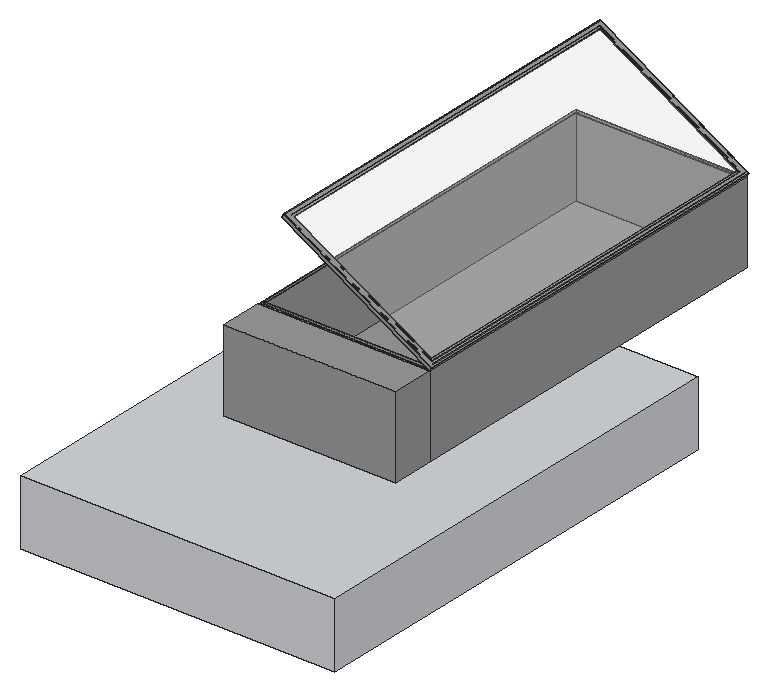
Revit family "Hager-Univers-IP55-D400-H2050-Cl.II-Steel_encl-PT-pt", category Equipement électrique, Revit 2020
Family settings
  Hôte = Face
  Configuration du panneau = Deux colonnes, circuits au sein
  Cote de connecteur circulaire = Utiliser le diamètre
  Type d'élément = Tableau de raccordement
  Couper avec des vides une fois chargée = Non
  Partagée = Non
  Point de calcul de pièce = Non
Parameters (values of type "Instalação de piso IP55 L800 A2050 P400  - FR23U2")
  Width Control [instance] = if([EF000008 - Largura] > Min Width, [EF000008 - Largura], Min Width)  # 800 mm
  Commentaires du type = [HG000003 - Gama]  # "Univers"
  Thickness Door [instance] = if([EF009171 - Espessura do material da porta/tampa] > 3 mm, 3 mm, [EF009171 - Espessura do material da porta/tampa])  # 1.5 mm
  Seal Frame Offset [instance] = 17 mm  # constant formula
  Plinth Visibility [instance] = [HG000027 - Altura da Plinta] > 0 mm  # yes
  Model = ""
  Min Width [instance] = 100 mm  # constant formula
  Min Height [instance] = 100 mm  # constant formula
  Min Depth [instance] = (2 * [EF009170 - Espessura do material do invólucro]) + 1 mm  # 4 mm
  Internal Frame Depth [instance] = (Door System Depth * 0.5)  # 9 mm
  Height Control [instance] = if([EF000040 - Altura] > Min Height, [EF000040 - Altura], Min Height)  # 2050 mm
  HG000027 - Altura da Plinta = 200 mm
  HG000026 - Instalação no chão = yes
  HG000024 - Altura da secção inferior = 800 mm
  HG000023 - Recinto de secção dupla = no
  HG000016 - Visibilidade da porta 3D [instance] = yes
  HG000015 - Visibilidade através da porta [instance] = no
  HG000014 - Porta à direita [instance] = yes
  HG000013 - Porta à esquerda [instance] = not([HG000014 - Porta à direita])  # no
  HG000012 - Ângulo de abertura de porta [instance] = 30.00°
  HG000010 - Portas assimétricas = no
  HG000009 - Porta dupla = no
  HG000006 - Encastrado = no
  HG000004 - Referência do Fabricante = "FR23U2"
  HG000003 - Gama = "Univers"
  HG000002 - Com porta ou tampa = yes
  Frame Offset Bottom [instance] = 10 mm  # constant formula
  Frame Offset [instance] = 15 mm  # constant formula
  EF015940 - Tampa com libertação de sobrepressão = no
  EF011959 - Grau de proteção (NEMA) = ""
  EF009554 - Número de aberturas para placas de flange = 6
  Fabricant = "Hager"  # constant formula
  EF009212 - Tipo de tampa = "EV000116 - Fechado"
  EF009171 - Espessura do material da porta/tampa = 1.5 mm
  EF009170 - Espessura do material do invólucro = 1.5 mm
  EF008873 - Corrente nominal (In) = 800 A
  EF007800 - Adequado para proteção contra raios = no
  EF006306 - Com fecho = no
  EF006244 - Tampa/porta transparente = yes
  EF005474 - Grau de proteção (IP) = "EV006420 - IP55"
  EF004464 - Tipo de porta = "EV002646 - Único"
  EF004427 - Número de módulos = 432
  EF004293 - Força de impacto = "EV008784 - IK10"
  EF003532 - Adequado para uso no exterior = no
  EF002950 - Largura em número de módulos = 24
  EF001613 - Integridade do circuito = "EV000494 - Nenhum"
  EF001596 - Material do corpo = "EV000179 - Aço"
  EF001131 - Profundidade interior = 400 mm
  EF001088 - Extensão possível = yes
  EF000437 - Número de entradas de condutores = 6
  EF000339 - Tipo de difusor = "EV004216 - Porta"
  EF000266 - Número de linhas = 12
  EF000218 - Profundidade incorporada = 0 mm
  EF000118 - Com tampa de montagem = no
  EF000116 - Número RAL = "7035"
  EF000049 - Profundidade = 400 mm
  EF000040 - Altura = 2050 mm
  EF000008 - Largura = 800 mm
  EF000007 - Cor = "EV000270 - Cinzento"
  EF000003 - Método de montagem = "EV012274 - Instalação de piso"
  Door System Leaf Tolerance [instance] = 1.5 mm  # constant formula
  Door System Depth [instance] = 18 mm  # constant formula
  Door Height [instance] = Height Control - [HG000027 - Altura da Plinta]  # 1850 mm
  Depth Control [instance] = if([EF000049 - Profundidade] > Min Depth, [EF000049 - Profundidade], Min Depth)  # 400 mm
  Default Elevation = 0 mm
  Connector Offset [instance] = Height Control / 2  # 1025 mm
  Bottom Top Plate Trim [instance] = 1.5 mm  # constant formula
  Plinth height Ctrl [instance] = if([HG000027 - Altura da Plinta] > 0 mm, [HG000027 - Altura da Plinta], 12 mm)  # 200 mm
Types (11, lengths in mm): name | Width Control | HG000010 - Portas assimétricas | HG000009 - Porta dupla | HG000004 - Referência do Fabricante | EF009554 - Número de aberturas para placas de flange | EF006244 - Tampa/porta transparente | EF004464 - Tipo de porta | EF004427 - Número de módulos | EF000437 - Número de entradas de condutores | EF000008 - Largura
  Instalação de piso IP55 L1050 A2050 P400  - FR24H2 | 1050 | yes | yes | "FR24H2" | 8 | no | "EV003602 - Duplo" | 576 | 8 | 1050
  Instalação de piso IP55 L1050 A2050 P400  - FR24U2 | 1050 | yes | yes | "FR24U2" | 8 | yes | "EV003602 - Duplo" | 576 | 8 | 1050
  Instalação de piso IP55 L1300 A2050 P400  - FR25H2 | 1300 | yes | yes | "FR25H2" | 10 | no | "EV003602 - Duplo" | 720 | 10 | 1300
  Instalação de piso IP55 L1300 A2050 P400  - FR25U2 | 1300 | yes | yes | "FR25U2" | 10 | yes | "EV003602 - Duplo" | 720 | 10 | 1300
  Instalação de piso IP55 L1550 A2050 P400  - FR26H2 | 1550 | yes | yes | "FR26H2" | 12 | no | "EV003602 - Duplo" | 864 | 12 | 1550
  Instalação de piso IP55 L1550 A2050 P400  - FR26U2 | 1550 | yes | yes | "FR26U2" | 12 | yes | "EV003602 - Duplo" | 864 | 12 | 1550
  Instalação de piso IP55 L300 A2050 P400  - FR21H2 | 300 | no | no | "FR21H2" | 2 | no | "EV002646 - Único" | 144 | 2 | 300
  Instalação de piso IP55 L550 A2050 P400  - FR22H2 | 550 | no | no | "FR22H2" | 4 | no | "EV002646 - Único" | 288 | 4 | 550
  Instalação de piso IP55 L550 A2050 P400  - FR22U2 | 550 | no | no | "FR22U2" | 4 | yes | "EV002646 - Único" | 288 | 4 | 550
  Instalação de piso IP55 L800 A2050 P400  - FR23H2 | 800 | no | no | "FR23H2" | 6 | no | "EV002646 - Único" | 432 | 6 | 800
  Instalação de piso IP55 L800 A2050 P400  - FR23U2 | 800 | no | no | "FR23U2" | 6 | yes | "EV002646 - Único" | 432 | 6 | 800
Reference planes
  plane 1 "Center (Front/Back)": y = 0
  plane 2: z = 0
  plane 3 "Center (Left/Right)": x = 0
  plane 4: z = 400
  plane 5: y = 201.5
  plane 6: y = 1125
  plane 7: y = 200
  plane 8: y = 2050
  plane 9: z = 0
  plane 10: x = -385
  plane 11: x = 385
  plane 12: x = 383.5
  plane 13: x = -383.5
  plane 14: y = 2048.5
  plane 15: x = -383
  plane 16: x = -400
  plane 17: x = 383
  plane 18: x = 400
  plane 19: x = 398.5
  plane 20: x = -398.5
  plane 21: y = 211.5
  plane 22: y = 2050
  plane 23: y = 2033.5
  plane 24: z = 382
  plane 25: z = 1.5
  plane 26: z = 380.5
  plane 27: z = 398.5
Forms (mm)
  Extrusion 1, solid
    sketch origin (0, 0, 0) x (1, 0, 0) y (0, 1, 0)
      loop
        line (-702.964, 1305) -> (-702.964, -811.445) -> (766.763, -811.445) -> (766.763, 1305) -> (-702.964, 1305)
    from 0 to -304.8
  Extrusion 2, solid, material "Hager_Steel_RAL7035_Light_Grey", visible <- "Plinth Visibility", detail levels medium+fine
    sketch origin (0, 0, 0) x (1, 0, 0) y (0, 1, 0)
      loop
        line (-400, 0) -> (400, 0) -> (400, 200) -> (-400, 200) -> (-400, 0)
    from 0 to 382
  Extrusion 3, solid, material "Hager_Steel_RAL7035_Light_Grey", detail levels medium+fine
    sketch origin (0, 0, 0) x (1, 0, 0) y (0, 1, 0)
      loop
        line (-400, 200) -> (400, 200) -> (400, 2050) -> (-400, 2050) -> (-400, 200)
    from 0 to 382
  Extrusion 4, void
    sketch origin (0, 0, 0) x (1, 0, 0) y (0, 1, 0)
      loop
        line (-398.5, 201.5) -> (398.5, 201.5) -> (398.5, 2048.5) -> (-398.5, 2048.5) -> (-398.5, 201.5)
    from 1.5 to 380.5
  Extrusion 5, void
    sketch origin (-381.607, -4572, 382) x (0, -1, 0) y (-1, 0, 0)
      loop
        line (-4783.5, 1.893) -> (-6605.5, 1.893) -> (-6605.5, -765.107) -> (-4783.5, -765.107) -> (-4783.5, 1.893)
    from 0 to 1.5 <- "EF009170 - Espessura do material do invólucro"
  Extrusion 6, solid, material "Hager_Steel_RAL7035_Light_Grey", detail levels fine
    sketch origin (0, 0, 382) x (1, 0, 0) y (0, 1, 0)
      loop
        line (-383.5, 2033.5) -> (-383.5, 211.5) -> (383.5, 211.5) -> (383.5, 2033.5) -> (-383.5, 2033.5)
      loop
        line (-385, 210) -> (385, 210) -> (385, 2035) -> (-385, 2035) -> (-385, 210)
    from 0 to 9 <- "Internal Frame Depth"
  Extrusion 7, solid, material "Hager_Steel_RAL7035_Light_Grey", detail levels coarse
    sketch origin (0, 0, 0) x (1, 0, 0) y (0, 1, 0)
      loop
        line (-400, 0) -> (400, 0) -> (400, 2050) -> (-400, 2050) -> (-400, 0)
    from 0 to 400
  Sweep 8, void
    path in 3D
      loop
        line (-400, 200, 0) -> (400, 200, 0) -> (400, 200, 382) -> (-400, 200, 382) -> (-400, 200, 0)
    profile origin (-400, 200, 191) x (-1, 0, 0) y (0, -1, 0)
      loop
        line (0, 0) -> (0, 1.5) -> (-1.5, 1.5)
        arc (-1.5, 1.5) -> (-1.061, 0.439) -> (0, 0) r 1.5
Cuts and joins
  Extrusion 4, Extrusion 5 cuts Extrusion 3
  Sweep 8 cuts Extrusion 2
Lines and regions (mm)
  Masking region 1
    outline origin (0, 0, 0) x (1, 0, 0) y (0, 0, 1)
      loop
        line (-400, 400) -> (-400, 0) -> (400, 0) -> (400, 400) -> (-400, 400)
  Masking region 2, detail levels medium+fine
    outline origin (0, 140, 0) x (0, 1, 0) y (0, 0, 1)
      loop
        line (60, 0) -> (1910, 0) -> (1910, 382) -> (60, 382) -> (60, 0)
  Masking region 3, not visible, detail levels medium+fine
    outline origin (0, 297.922, 0) x (0, 1, 0) y (0, 0, 1)
      loop
        line (838.578, 0) -> (878.578, 0) -> (878.578, 388.5)
        arc (878.578, 388.5) -> (875.649, 395.571) -> (868.578, 398.5) r 10
        line (868.578, 398.5) -> (838.578, 398.5) -> (838.578, 0)
  Masking region 4, detail levels coarse
    outline origin (0, 0, 180) x (0, 1, 0) y (0, 0, 1)
      loop
        line (0, -180) -> (2050, -180) -> (2050, 220) -> (0, 220) -> (0, -180)
  Masking region 5, visible <- "Plinth Visibility", detail levels medium+fine
    outline origin (0, 52.24, 12.345) x (0, 0, -1) y (0, 1, 0)
      loop
        line (10.845, 147.76) -> (-368.155, 147.76)
        arc (-368.155, 147.76) -> (-368.594, 146.699) -> (-369.655, 146.26) r 1.5
        line (-369.655, 146.26) -> (-369.655, -52.24) -> (12.345, -52.24) -> (12.345, 146.26)
        arc (12.345, 146.26) -> (11.285, 146.699) -> (10.845, 147.76) r 1.5
  Masking region 6, detail levels medium+fine
    outline origin (-381.607, -4572, 382) x (-1, 0, 0) y (0, -1, 0)
      loop
        line (18.393, -6622) -> (18.393, -4772) -> (-781.607, -4772) -> (-781.607, -6622) -> (18.393, -6622)
  Masking region 7, visible <- "Plinth Visibility", detail levels medium+fine
    outline origin (-381.607, -4727, 382) x (-1, 0, 0) y (0, -1, 0)
      loop
        arc (16.893, -4927) -> (17.332, -4925.939) -> (18.393, -4925.5) r 1.5
        line (18.393, -4925.5) -> (18.393, -4727) -> (-781.607, -4727) -> (-781.607, -4925.5)
        arc (-781.607, -4925.5) -> (-780.546, -4925.939) -> (-780.107, -4927) r 1.5
        line (-780.107, -4927) -> (16.893, -4927)
  Masking region 8, detail levels coarse
    outline origin (-442.548, -4669.526, 382) x (-1, 0, 0) y (0, -1, 0)
      loop
        line (-42.548, -6719.526) -> (-42.548, -4669.526) -> (-842.548, -4669.526) -> (-842.548, -6719.526) -> (-42.548, -6719.526)
  sketch lines
    curve 1: line (-400, 200, 382) -> (-400, 200, 0)
    curve 2: line (400, 200, 382) -> (-400, 200, 382)
    curve 3: line (400, 200, 382) -> (400, 200, 0)
    curve 4: line (-400, 200, 0) -> (400, 200, 0)
Dimensions and locks
  "Depth Control": plane 4 to Extrusion 1
  "HG000027 - Altura da Plinta": plane 1 "Center (Front/Back)" to plane 7
  "EF009170 - Espessura do material do invólucro": plane 5 to plane 7
  locked: connector elem to plane 3 "Center (Left/Right)"
  equal spacing: plane 8, plane 6, plane 7
  locked: connector elem to plane 6
  "EF009170 - Espessura do material do invólucro": plane 8 to plane 14
  "EF009170 - Espessura do material do invólucro": plane 10 to plane 13
  "EF009170 - Espessura do material do invólucro": plane 12 to plane 11
  "Frame Offset": plane 20 to plane 13
  "Frame Offset": plane 12 to plane 19
  "EF009170 - Espessura do material do invólucro": plane 16 to plane 20
  "EF009170 - Espessura do material do invólucro": plane 19 to plane 18
  "Seal Frame Offset": plane 16 to plane 15
  "Seal Frame Offset": plane 17 to plane 18
  "Frame Offset Bottom": plane 21 to plane 5
  "Frame Offset": plane 14 to plane 23
  equal spacing: plane 16, plane 3 "Center (Left/Right)", plane 18
  "Width Control": plane 16 to plane 18
  "EF009170 - Espessura do material do invólucro": plane 4 to plane 27
  "EF009170 - Espessura do material do invólucro": plane 24 to plane 26
  "EF009170 - Espessura do material do invólucro": plane 25 to level
  "Door System Depth": plane 4 to plane 24
  "Height Control": plane 1 "Center (Front/Back)" to Extrusion 7 sketch curve
  "Height Control": Masking region 4 sketch curve to plane 1 "Center (Front/Back)"
  "Height Control": plane 1 "Center (Front/Back)" to plane 22
  "Bottom Top Plate Trim": profile plane to Sweep 8 sketch curve
  "Bottom Top Plate Trim": Sweep 8 sketch curve to profile plane
  "Plinth height Ctrl": plane 1 "Center (Front/Back)" to Extrusion 2 sketch curve
  "Plinth height Ctrl": Masking region 5 sketch curve to plane 1 "Center (Front/Back)"
  "Plinth height Ctrl": plane 1 "Center (Front/Back)" to Masking region 7 sketch curve
  "Thickness Door": Extrusion 6 sketch curve to Extrusion 6 sketch curve  (x3)
  "Thickness Door": cut or joined group of Extrusion 3, Extrusion 4, Extrusion 5 to Extrusion 6 sketch curve
  radius of Masking region 3 sketch curve = 10 mm
  "Bottom Top Plate Trim": radius of Masking region 5 sketch curve  (x2)
  "Bottom Top Plate Trim": radius of Sweep 8 sketch curve
  "Bottom Top Plate Trim": radius of Masking region 7 sketch curve  (x2)
  aligned and locked: plane 2 to Extrusion 1
  aligned and locked: level to Extrusion 1
  aligned and locked: level to Masking region 1 sketch curve
  aligned and locked: Masking region 1 sketch curve to plane 18
  aligned and locked: Masking region 1 sketch curve to plane 16
  aligned and locked: plane 7 to Masking region 2 sketch curve
  aligned and locked: level to Masking region 3 sketch curve
  aligned and locked: Masking region 3 sketch curve to plane 27
  aligned and locked: level to Masking region 2 sketch curve
  aligned and locked: plane 1 "Center (Front/Back)" to Extrusion 2 sketch curve
  aligned and locked: Extrusion 3 sketch curve to plane 7
  aligned and locked: plane 16 to Extrusion 3 sketch curve
  aligned and locked: plane 18 to Extrusion 3 sketch curve
  aligned and locked: plane 20 to Extrusion 4 sketch curve
  aligned and locked: plane 19 to Extrusion 4 sketch curve
  aligned and locked: Extrusion 4 sketch curve to plane 5
  aligned and locked: Extrusion 4 to plane 25
  aligned and locked: plane 26 to Extrusion 4
  aligned and locked: plane 24 to Extrusion 3
  aligned and locked: Extrusion 5 sketch curve to plane 21
  aligned and locked: Extrusion 5 sketch curve to plane 13
  aligned and locked: Extrusion 5 sketch curve to plane 12
  aligned and locked: plane 18 to Extrusion 7 sketch curve
  aligned and locked: plane 1 "Center (Front/Back)" to Extrusion 7 sketch curve
  aligned and locked: plane 16 to Extrusion 7 sketch curve
  aligned and locked: plane 4 to Extrusion 7
  aligned and locked: Extrusion 7 to level
  aligned and locked: level to Masking region 4 sketch curve
  aligned and locked: Masking region 4 sketch curve to plane 1 "Center (Front/Back)"
  aligned and locked: Masking region 4 sketch curve to plane 4
  aligned and locked: nested 1 to level
  aligned and locked: nested 1 to plane 16
  aligned and locked: plane 8 to Extrusion 3 sketch curve
  aligned and locked: plane 23 to Extrusion 5 sketch curve
  aligned and locked: plane 14 to Extrusion 4 sketch curve
  aligned and locked: Masking region 2 sketch curve to plane 8
  aligned and locked: level to Masking region 5 sketch curve
  aligned and locked: plane 16 to Extrusion 2 sketch curve
  aligned and locked: plane 18 to Extrusion 2 sketch curve
  aligned and locked: Masking region 5 sketch curve to plane 24
  aligned and locked: Masking region 2 sketch curve to plane 24
  aligned and locked: plane 24 to Extrusion 2
  aligned and locked: profile plane to Sweep 8 sketch curve  (x2)
  aligned and locked: Masking region 6 sketch curve to plane 18
  aligned and locked: Masking region 6 sketch curve to plane 22
  aligned and locked: Masking region 6 sketch curve to plane 16
  aligned and locked: plane 8 to plane 22
  aligned and locked: Masking region 6 sketch curve to plane 7
  aligned and locked: Masking region 7 sketch curve to plane 16
  aligned and locked: Masking region 7 sketch curve to plane 1 "Center (Front/Back)"
  aligned and locked: Masking region 7 sketch curve to plane 18
  aligned and locked: Masking region 8 sketch curve to plane 1 "Center (Front/Back)"
  aligned and locked: Masking region 8 sketch curve to plane 18
  aligned and locked: Masking region 8 sketch curve to plane 22
  aligned and locked: Masking region 8 sketch curve to plane 16
  aligned and locked: nested 2 to plane 7
  aligned and locked: plane 3 "Center (Left/Right)" to nested 2
  aligned and locked: nested 2 to plane 24
  aligned and locked: Extrusion 6 sketch curve to cut or joined group of Extrusion 3, Extrusion 4, Extrusion 5  (x4)
Automatic sketch dimensions
  Extrusion 1 sketch curve to Extrusion 1 sketch curve = 1469.727 mm
  Extrusion 1 sketch curve to Extrusion 1 sketch curve = 2116.445 mm
  Masking region 1 sketch curve to plane 4 = 0 mm
  plane 6 to Masking region 3 sketch curve = 11.5 mm
  Masking region 3 sketch curve to Masking region 3 sketch curve = 30 mm
  Masking region 5 sketch curve to plane 1 "Center (Front/Back)" = 0 mm
Nested families
  nested 1: "Hager_Enclosure_Symbol" at (-400, 0, 0) x (1, 0, 0) z (0, -1, 0), Height <- "Depth Control", Width <- "Width Control", type "Hager_Enclosure_Symbol"
    with Width_Ctrl 800 mm, Width 800 mm, Height_Ctrl 400 mm, Height 400 mm, A_Width_Int 26.25 mm, A_Width 315 mm, A_Height_Ctrl 350 mm, A_Height 350 mm
  nested 2: "EC000058_Univers_Door" at (0, 200, 382) x (1, 0, 0) z (0, 1, 0), Leaf_Tolerance <- "Door System Leaf Tolerance", Angle <- "HG000012 - Ângulo de abertura de porta", Door_Depth <- "Door System Depth", Door_Left <- "HG000013 - Porta à esquerda", Transparent <- "EF006244 - Tampa/porta transparente", Assymetrical <- "HG000010 - Portas assimétricas", Width <- "Width Control", Clearance <- "HG000015 - Visibilidade através da porta", Double <- "HG000009 - Porta dupla", 3d_Door <- "HG000016 - Visibilidade da porta 3D", Lock_Visibility <- "EF006306 - Com fecho", Width_Ctrl <- "Width Control", Door_Right <- "HG000014 - Porta à direita", Door <- "HG000002 - Com porta ou tampa", Height <- "Door Height", Thickness <- "Thickness Door", type "EC000058_Univers_Door", detail levels medium+fine
    with min_wh 4 mm, Width_Ctrl 800 mm, Width 800 mm, Transparent yes, Thickness 1.5 mm, Seal_Material Hager_Rubber, Lock_Visibility no, Lock_Material Hager_Plastic_RAL9005_Jet_Black, Leaf_Width 800 mm, Leaf_Tolerance_External_Sides 0 mm, Leaf_Tolerance 1.5 mm, Leaf_Offset 0 mm, Leaf_Height 1847 mm, Leaf_2_Width 800 mm, Leaf_2_Offset 400 mm, Leaf_1_Width 800 mm, Leaf_1_Offset 400 mm, Height_Ctrl 1850 mm, Height 1850 mm, Glass_Material Hager_Glass, Double_Clearance_Ctrl no, Double no, Door_Right_Ctrl yes, Door_Right yes, Door_Material Hager_Steel_RAL7035_Light_Grey, Door_Left_Ctrl no, Door_Left no, Door_Depth 18 mm, Door yes, Clearance_Material Hager_Clearance, Clearance_Depth 800 mm, Clearance_Ctrl no, Clearance no, Assymetrical no, Angle 30.00°, 3d_Door yes
Connectors
  electrical at (0, 1125, 0)
    settings: on plane 9, index 1, voltage 0 V, apparent load 0 VA, apparent load phase1 0 VA, apparent load phase2 0 VA, apparent load phase3 0 VA, power factor 1, load classification "Other", number of poles 1, system type 30, power factor state 1, is connector primary yes, connector utility no, sub classification motor no, connector description ""
Definition of nested family "EC000058_Univers_Door"
  Parameters (values of type "EC000058_Univers_Door")
    min_wh [instance] = (2 * Thickness) + 1 mm  # 11 mm
    Width_Ctrl [instance] = 400 mm
    Width [instance] = 500 mm
    Transparent [instance] = yes
    Thickness [instance] = 5 mm
    Seal_Material [instance] = none
    Lock_Visibility [instance] = yes
    Lock_Material [instance] = none
    Leaf_Width [instance] = if((Width_Ctrl - 2 * Leaf_Tolerance_External_Sides) > 0 mm, (Width_Ctrl - 2 * Leaf_Tolerance_External_Sides), min_wh)  # 400 mm
    Leaf_Tolerance_External_Sides [instance] = 0 mm  # constant formula
    Leaf_Tolerance [instance] = 1.5 mm
    Leaf_Offset [instance] = 0 mm  # constant formula
    Leaf_Height [instance] = if((Height_Ctrl - 2 * Leaf_Tolerance) > 0 mm, (Height_Ctrl - 2 * Leaf_Tolerance), min_wh)  # 497 mm
    Leaf_2_Width [instance] = if(and(and(Double, Assymetrical), Door_Left), (Leaf_Width / 3) - (Leaf_Tolerance / 2), if(and(and(Double, Assymetrical), Door_Right), (Leaf_Width / 3) * 2 - (Leaf_Tolerance / 2), if(and(Double, not(Assymetrical)), (Leaf_Width / 2) - Leaf_Tolerance, Leaf_Width)))  # 400 mm
    Leaf_2_Offset [instance] = if(and(Double, Assymetrical), Leaf_2_Width / 2, if(and(Double, not(Assymetrical)), Leaf_Width / 4, Leaf_Width / 2))  # 200 mm
    Leaf_1_Width [instance] = if(and(and(Double, Assymetrical), Door_Right), (Leaf_Width / 3) - (Leaf_Tolerance / 2), if(and(and(Double, Assymetrical), Door_Left), (Width / 3) * 2 - (Leaf_Tolerance / 2), if(and(Double, not(Assymetrical)), (Leaf_Width / 2) - Leaf_Tolerance, Leaf_Width)))  # 400 mm
    Leaf_1_Offset [instance] = if(and(Double, Assymetrical), Leaf_1_Width / 2, if(and(Double, not(Assymetrical)), Leaf_Width / 4, Leaf_Width / 2))  # 200 mm
    Height_Ctrl [instance] = if(Height > min_wh, Height, min_wh)  # 500 mm
    Height [instance] = 500 mm
    Glass_Material [instance] = none
    Double_Clearance_Ctrl [instance] = and(Double, Clearance)  # no
    Double [instance] = no
    Door_Right_Ctrl [instance] = and(or(Door_Right, Double), Door)  # yes
    Door_Right [instance] = yes
    Door_Material [instance] = none
    Door_Left_Ctrl [instance] = and(or(Door_Left, Double), Door)  # no
    Door_Left [instance] = no
    Door_Depth [instance] = 30 mm
    Door [instance] = yes
    Default Elevation = 1219.2 mm
    Clearance_Material [instance] = none
    Clearance_Depth [instance] = if(Leaf_1_Width > Leaf_2_Width, Leaf_1_Width, Leaf_2_Width)  # 400 mm
    Clearance_Ctrl [instance] = and(not(Double), Clearance)  # yes
    Clearance [instance] = yes
    Assymetrical [instance] = yes
    Angle [instance] = 30.00°
    3d_Door [instance] = yes
  Reference planes
    plane 1 "Center (Front/Back)": y = 0
    plane 2 "Bottom": z = 0
    plane 3 "Center (Left/Right)": x = 0
    plane 4: z = 500
    plane 5: x = -200
    plane 6: x = 200
    plane 7: z = 500
    plane 8: x = -200
    plane 9: z = 0
    plane 10: x = 200
    plane 11: y = 0
    plane 12: z = 1.5
    plane 13: x = -600
    plane 14: y = -400
    plane 15: x = 600
    plane 16: x = 0
    plane 17: x = 0
    plane 18: x = -200
    plane 19: x = 200
    plane 20: z = 498.5
  Forms (mm)
    Extrusion 1, solid, material <- "Clearance_Material", visible <- "Double_Clearance_Ctrl"
      sketch origin (1200, 0, 0) x (1, 0, 0) y (0, 0, -1)
        loop
          line (-1800, -498.5) -> (-600, -498.5) -> (-600, 0) -> (-1800, 0) -> (-1800, -498.5)
      from 0 to -400
  Dimensions and locks
    equal spacing: plane 5, plane 3 "Center (Left/Right)", plane 6
    "Width_Ctrl": plane 5 to plane 6
    "Leaf_Offset": plane 5 to plane 8
    "Leaf_Offset": plane 6 to plane 10
    "Leaf_Offset": plane 9 to level
    "Leaf_Offset": plane 4 to plane 7
    "Height_Ctrl": plane 4 to level
    "Leaf_Tolerance": plane 12 to plane 9
    locked: plane 11 to plane 1 "Center (Front/Back)"
    "Leaf_1_Offset": plane 18 to plane 16
    "Leaf_2_Offset": plane 17 to plane 19
    "Leaf_1_Width": plane 13 to plane 8
    "Leaf_2_Width": plane 10 to plane 15
    "Clearance_Depth": plane 14 to plane 1 "Center (Front/Back)"
    "Leaf_Tolerance_External_Sides": plane 8 to plane 18
    "Leaf_Tolerance_External_Sides": plane 19 to plane 10
    "Leaf_Tolerance": plane 7 to plane 20
    aligned and locked: level to plane 2 "Bottom"
    aligned and locked: nested 1 to plane 16
    aligned and locked: nested 2 to plane 17
    aligned and locked: Extrusion 1 to plane 13
    aligned and locked: plane 15 to Extrusion 1
    aligned and locked: Extrusion 1 to plane 14
    aligned and locked: plane 12 to nested 1
    aligned and locked: nested 2 to plane 12
    aligned and locked: Extrusion 1 to plane 11
    aligned and locked: plane 20 to Extrusion 1
    aligned and locked: nested 2 to plane 11
    aligned and locked: nested 1 to plane 11
  Automatic sketch dimensions
    Extrusion 1 sketch curve to level = 0 mm
    plane 5 to Extrusion 1 sketch curve = 400 mm
    plane 6 to Extrusion 1 sketch curve = 400 mm
    Extrusion 1 sketch curve to plane 4 = 1.5 mm
  Nested families
    nested 1: "EC000058_Univers_Door_Leaf" at (0, 0, 1.5), Width <- "Leaf_1_Width", visible <- "Door_Left_Ctrl", Leaf_Height <- "Leaf_Height", Angle <- "Angle", 3d_Door <- "3d_Door", Transparent <- "Transparent", Clearance Material <- "Clearance_Material", Clearance <- "Clearance_Ctrl", Door_Material <- "Door_Material", Glass_Material <- "Glass_Material", Door_Depth <- "Door_Depth", Lock_Material <- "Lock_Material", Seal_Material <- "Seal_Material", Lock_Visibility <- "Lock_Visibility", Thickness <- "Thickness", type "EC000058_Univers_Door_Leaf"
      with Width 400 mm, Transparent_Glass_Offset 30 mm, Transparent_Ctrl yes, Transparent yes, Thickness 5 mm, Standard no, Seal_Material none, Seal_D2 8 mm, Seal_D1 1 mm, Offset_Internal_Frame 10 mm, Lock_Width 20 mm, Lock_Visibility_3d yes, Lock_Visibility yes, Lock_Thickness_3 3 mm, Lock_Thickness_2 1 mm, Lock_Thickness_1 3 mm, Lock_Radius_Offset_2 16 mm, Lock_Radius_Offset_1 15 mm, Lock_Radius_2 5 mm, Lock_Radius 6 mm, Lock_Offset 5 mm, Lock_Material none, Lock_Height 80 mm, Lock_Cover_Top_Offset_2d 17 mm, Lock_Cover_Height -65 mm, Leaf_Height 497 mm, Internal_Seal_Thickness 8 mm, Internal_Seal_Depth_2 4.5 mm, Internal_Frame_Depth 25 mm, Glass_Thickness -1 mm, Glass_Offset -2 mm, Glass_Material none, Door_Material none, Door_Depth 30 mm, Clearance Material none, Clearance yes, Angle_Ctrl 30.00°, Angle 30.00°, 3d_Door yes
    nested 2: "EC000058_Univers_Door_Leaf" at (0, 0, 1.5) x (-1, 0, 0) z (0, 0, 1), Width <- "Leaf_2_Width", visible <- "Door_Right_Ctrl", Leaf_Height <- "Leaf_Height", Angle <- "Angle", 3d_Door <- "3d_Door", Transparent <- "Transparent", Clearance Material <- "Clearance_Material", Clearance <- "Clearance_Ctrl", Door_Material <- "Door_Material", Glass_Material <- "Glass_Material", Door_Depth <- "Door_Depth", Lock_Material <- "Lock_Material", Seal_Material <- "Seal_Material", Lock_Visibility <- "Lock_Visibility", Thickness <- "Thickness", type "EC000058_Univers_Door_Leaf"
      with Width 400 mm, Transparent_Glass_Offset 30 mm, Transparent_Ctrl yes, Transparent yes, Thickness 5 mm, Standard no, Seal_Material none, Seal_D2 8 mm, Seal_D1 1 mm, Offset_Internal_Frame 10 mm, Lock_Width 20 mm, Lock_Visibility_3d yes, Lock_Visibility yes, Lock_Thickness_3 3 mm, Lock_Thickness_2 1 mm, Lock_Thickness_1 3 mm, Lock_Radius_Offset_2 16 mm, Lock_Radius_Offset_1 15 mm, Lock_Radius_2 5 mm, Lock_Radius 6 mm, Lock_Offset 5 mm, Lock_Material none, Lock_Height 80 mm, Lock_Cover_Top_Offset_2d 17 mm, Lock_Cover_Height -65 mm, Leaf_Height 497 mm, Internal_Seal_Thickness 8 mm, Internal_Seal_Depth_2 4.5 mm, Internal_Frame_Depth 25 mm, Glass_Thickness -1 mm, Glass_Offset -2 mm, Glass_Material none, Door_Material none, Door_Depth 30 mm, Clearance Material none, Clearance yes, Angle_Ctrl 30.00°, Angle 30.00°, 3d_Door yes
  Definition of nested family "EC000058_Univers_Door_Leaf"
    Parameters (values of type "EC000058_Univers_Door_Leaf")
      Width [instance] = 2000 mm
      Transparent_Glass_Offset [instance] = 30 mm
      Transparent_Ctrl [instance] = and(Transparent, [3d_Door])  # yes
      Transparent [instance] = yes
      Thickness [instance] = 5 mm
      Standard [instance] = and(not(Transparent), [3d_Door])  # no
      Seal_Material [instance] = none
      Seal_D2 [instance] = 8 mm  # constant formula
      Seal_D1 [instance] = 1 mm  # constant formula
      Offset_Internal_Frame [instance] = 10 mm  # constant formula
      Lock_Width [instance] = 20 mm  # constant formula
      Lock_Visibility_3d [instance] = and(Lock_Visibility, [3d_Door])  # yes
      Lock_Visibility [instance] = yes
      Lock_Thickness_3 [instance] = 3 mm  # constant formula
      Lock_Thickness_2 [instance] = 1 mm  # constant formula
      Lock_Thickness_1 [instance] = 3 mm  # constant formula
      Lock_Radius_Offset_2 [instance] = Lock_Radius_Offset_1 + 1 mm  # 16 mm
      Lock_Radius_Offset_1 [instance] = 15 mm  # constant formula
      Lock_Radius_2 [instance] = Lock_Radius - 1 mm  # 5 mm
      Lock_Radius [instance] = 6 mm  # constant formula
      Lock_Offset [instance] = 5 mm  # constant formula
      Lock_Material [instance] = none
      Lock_Height [instance] = 80 mm  # constant formula
      Lock_Cover_Top_Offset_2d [instance] = Lock_Radius_Offset_2 + 1 mm  # 17 mm
      Lock_Cover_Height [instance] = -(Lock_Height - Lock_Radius_Offset_1)  # -65 mm
      Leaf_Height [instance] = 2720.336 mm
      Internal_Seal_Thickness [instance] = 8 mm  # constant formula
      Internal_Seal_Depth_2 [instance] = 4.5 mm  # constant formula
      Internal_Frame_Depth [instance] = if(Door_Depth - Thickness > 5 mm, Door_Depth - Thickness, 5 mm)  # 25 mm
      Glass_Thickness [instance] = if(Thickness > 15 mm, Glass_Offset + 10 mm, -1 mm)  # -1 mm
      Glass_Offset [instance] = if(Thickness > 15 mm, -(Thickness + 10 mm) / 2, -2 mm)  # -2 mm
      Glass_Material [instance] = none
      Door_Material [instance] = none
      Door_Depth [instance] = 30 mm
      Default Elevation = 0 mm
      Clearance Material [instance] = none
      Clearance [instance] = yes
      Angle_Ctrl [instance] = if(Angle > 180.00°, 180.00°, Angle)  # 90.00°
      Angle [instance] = 90.00°
      3d_Door [instance] = yes
    Reference planes
      plane 1 "Center (Front/Back)": y = 0
      plane 2: z = 0
      plane 3 "Center (Left/Right)": x = 0
      plane 4: y = 2000
      plane 5: x = -1000
      plane 6: x = 1000
      plane 7: x = -3000
      plane 8: z = 2720.336
      plane 9: z = 30
      plane 10: z = 2690.336
      plane 11: x = 970
      plane 12: x = -970
      plane 13: y = -3
      plane 14: z = 107.833
      plane 15: y = -5
      plane 16: y = -223.314
      plane 17: x = -1000
      plane 18: z = 1360.168
      plane 19: y = 30
    Forms (mm)
      Extrusion 1, solid, material <- "Clearance Material", visible <- "Clearance"
        sketch origin (0, 0, 0) x (1, 0, 0) y (0, 0, 1)
          loop
            line (-3000, 2720.336) -> (-3000, 0) -> (1000, 0) -> (1000, 2720.336) -> (-3000, 2720.336)
        from 0 to -2000
      Extrusion 2, solid, material <- "Door_Material", visible <- "Standard", detail levels medium+fine
        sketch origin (-1000, 0, 0) x (0, 1, 0) y (-1, 0, 0)
          loop
            line (0, 30) -> (0, 25) -> (2000, 25) -> (2000, 30) -> (0, 30)
        from 0 to 2720.336 <- "Leaf_Height"
      Extrusion 3, solid, material <- "Door_Material", visible <- "Transparent_Ctrl", detail levels medium+fine
        sketch origin (-1000, 0, 0) x (0, 1, 0) y (-1, 0, 0)
          loop
            line (0, 25) -> (2000, 25) -> (2000, 30) -> (0, 30) -> (0, 25)
        from 0 to 2720.336 <- "Leaf_Height"
      Extrusion 4, void
        sketch origin (-1025, 2000, 0) x (0, 1, 0) y (0, 0, -1)
          loop
            line (-30, -2690.336) -> (-30, -30) -> (-1970, -30) -> (-1970, -2690.336) -> (-30, -2690.336)
        from 0 to 5 <- "Thickness"
      Sweep 5, solid, material <- "Seal_Material", visible <- "Transparent_Ctrl", detail levels fine
        path in 3D
          loop
            line (-1025, 30, 30) -> (-1025, 30, 2690.336) -> (-1025, 1970, 2690.336) -> (-1025, 1970, 30) -> (-1025, 30, 30)
        profile origin (-1025, 1000, 30) x (1, 0, 0) y (0, 0, 1)
          loop
            line (0, 0) -> (0, -8) -> (1, -8) -> (1, 0) -> (0, 0)
      Extrusion 6, solid, material <- "Glass_Material", visible <- "Transparent_Ctrl", detail levels medium+fine
        sketch origin (-1030, 0, 0) x (0, 1, 0) y (0, 0, -1)
          loop
            line (1970, -2690.336) -> (1970, -30) -> (30, -30) -> (30, -2690.336) -> (1970, -2690.336)
        from -2 <- "Glass_Offset" to -1 <- "Glass_Thickness"
      Extrusion 7, solid, material <- "Door_Material", visible <- "3d_Door", detail levels medium+fine
        sketch origin (-1025, 2000, 0) x (0, -1, 0) y (0, 0, -1)
          loop
            line (0, -2720.336) -> (2000, -2720.336) -> (2000, 0) -> (0, 0) -> (0, -2720.336)
          loop
            line (1995, -5) -> (5, -5) -> (5, -2715.336) -> (1995, -2715.336) -> (1995, -5)
        from 0 to 25 <- "Internal_Frame_Depth"
      Sweep 8, solid, material <- "Seal_Material", visible <- "Transparent_Ctrl", detail levels fine
        path in 3D
          loop
            line (-1025, 0, 0) -> (-1025, 2000, 0) -> (-1025, 2000, 2720.336) -> (-1025, 0, 2720.336) -> (-1025, 0, 0)
        profile origin (-1025, 0, 1360.168) x (1, 0, 0) y (0, 1, 0)
          loop
            line (0, 10) -> (2.975, 10)
            arc (2.975, 10) -> (4.053, 10.447) -> (4.5, 11.525) r 1.525
            line (4.5, 11.525) -> (4.5, 16.527)
            arc (4.5, 16.527) -> (4.069, 17.569) -> (3.027, 18) r 1.473
            line (3.027, 18) -> (0, 18) -> (0, 10)
      Extrusion 9, solid, material <- "Lock_Material", visible <- "Lock_Visibility_3d", detail levels fine
        sketch origin (-1030, 0, 0) x (0, 1, 0) y (0, 0, -1)
          loop
            arc (1993.5, -1400.168) -> (1994.561, -1399.729) -> (1995, -1398.668) r 1.5
            line (1995, -1398.668) -> (1995, -1320.168) -> (1975, -1320.168) -> (1975, -1398.668)
            arc (1975, -1398.668) -> (1975.439, -1399.729) -> (1976.5, -1400.168) r 1.5
            line (1976.5, -1400.168) -> (1993.5, -1400.168)
        from 3 <- "Lock_Thickness_1" to 0
      Blend 10, solid, material <- "Lock_Material", visible <- "Lock_Visibility_3d", detail levels fine
        base sketch origin (-1033, 0, 0) x (0, 1, 0) y (0, 0, -1)
          loop
            line (1975, -1320.168) -> (1975, -1398.668)
            arc (1975, -1398.668) -> (1975.439, -1399.729) -> (1976.5, -1400.168) r 1.5
            line (1976.5, -1400.168) -> (1993.5, -1400.168)
            arc (1993.5, -1400.168) -> (1994.561, -1399.729) -> (1995, -1398.668) r 1.5
            line (1995, -1398.668) -> (1995, -1320.168) -> (1975, -1320.168)
        top sketch origin (-1033, 0, 0) x (0, 1, 0) y (0, 0, -1)
          loop
            line (1976, -1320.168) -> (1976, -1398.668)
            arc (1976, -1398.668) -> (1976.146, -1399.022) -> (1976.5, -1399.168) r 0.5
            line (1976.5, -1399.168) -> (1993.5, -1399.168)
            arc (1993.5, -1399.168) -> (1993.854, -1399.022) -> (1994, -1398.668) r 0.5
            line (1994, -1398.668) -> (1994, -1320.168) -> (1976, -1320.168)
        from 0 to 1 <- "Lock_Thickness_2"
      Blend 11, solid, material <- "Lock_Material", visible <- "Lock_Visibility_3d", detail levels fine
        base sketch origin (-1034, 0, 0) x (0, 1, 0) y (0, 0, -1)
          loop
            line (1978, -1320.168) -> (1978, -1384.168)
            arc (1978, -1384.168) -> (1985, -1391.168) -> (1992, -1384.168) r 7
            line (1992, -1384.168) -> (1992, -1320.168) -> (1978, -1320.168)
        top sketch origin (-1034, 0, 0) x (0, 1, 0) y (0, 0, -1)
          loop
            line (1991, -1320.168) -> (1979, -1320.168) -> (1979, -1383.168)
            arc (1979, -1383.168) -> (1985, -1389.168) -> (1991, -1383.168) r 6
            line (1991, -1383.168) -> (1991, -1320.168)
        from 0 to 3 <- "Lock_Thickness_3"
      Extrusion 12, solid, material <- "Lock_Material", visible <- "Lock_Visibility_3d", detail levels fine
        sketch origin (-1030, 1975, 1320.168) x (1, 0, 0) y (0, -1, 0)
          loop
            line (-7, -19) -> (-7, -1) -> (0, -1) -> (0, 0) -> (-8, 0) -> (-8, -20) -> (0, -20) -> (0, -19) -> (-7, -19)
        from 0 to -65 <- "Lock_Cover_Height"
      Extrusion 13, void
        sketch origin (-1038, 1995, 1320.168) x (-1, 0, 0) y (0, 0, -1)
          loop
            line (-5, -65) -> (0, -65) -> (-5, -60) -> (-5, -65)
        from 0 to 20 <- "Lock_Width"
      Extrusion 14, void
        sketch origin (-1038, 1975, 1320.168) x (0, -1, 0) y (0, 0, -1)
          loop
            circle (-10, -15.995) r 6
          loop
            circle (-10, -15.995) r 5
        from 0 to 2
      Extrusion 15, solid, material <- "Lock_Material", visible <- "Lock_Visibility_3d", detail levels medium
        sketch origin (-1030, 0, 0) x (0, 1, 0) y (0, 0, -1)
          loop
            arc (1993.5, -1400.168) -> (1994.561, -1399.729) -> (1995, -1398.668) r 1.5
            line (1995, -1398.668) -> (1995, -1320.168) -> (1975, -1320.168) -> (1975, -1398.668)
            arc (1975, -1398.668) -> (1975.439, -1399.729) -> (1976.5, -1400.168) r 1.5
            line (1976.5, -1400.168) -> (1993.5, -1400.168)
        from 8 to 0
    Cuts and joins
      Extrusion 4 cuts Extrusion 3
      Extrusion 13, Extrusion 14 cuts Extrusion 9
      Extrusion 14 cuts Blend 11
      Extrusion 13, Extrusion 14 cuts Extrusion 12
      joined: Extrusion 9, Blend 10, Blend 11, Extrusion 12
      Extrusion 14 cuts Extrusion 15
    Lines and regions (mm)
      Masking region 1, visible <- "Lock_Visibility", detail levels fine
        outline origin (0, 0, 0) x (0, 1, 0) y (0, 0, 1)
          loop
            line (30, 1320.168) -> (33, 1320.168) -> (33, 1400.168) -> (30, 1400.168) -> (30, 1320.168)
      Masking region 2, visible <- "Lock_Visibility", detail levels fine
        outline origin (0, 3.143, 0) x (0, 1, 0) y (0, 0, 1)
          loop
            line (29.857, 1354.168) -> (30.857, 1354.168) -> (30.857, 1366.168) -> (29.857, 1366.168) -> (29.857, 1354.168)
      Masking region 3, detail levels medium+fine
        outline origin (0, 0, 0) x (0, 1, 0) y (0, 0, 1)
          loop
            line (0, 0) -> (30, 0) -> (30, 2720.336) -> (0, 2720.336) -> (0, 0)
      Masking region 4, detail levels medium+fine
        outline origin (0, 0, 0) x (1, 0, 0) y (0, 0, 1)
          loop
            line (-1000, 2720.336) -> (-1000, 0) -> (1000, 0) -> (1000, 2720.336) -> (-1000, 2720.336)
      Masking region 5, visible <- "Lock_Visibility", detail levels fine
        outline origin (-47.116, 0, 0) x (1, 0, 0) y (0, 0, 1)
          loop
            arc (1024.616, 1399.168) -> (1023.556, 1398.729) -> (1023.116, 1397.668) r 1.5
            line (1023.116, 1397.668) -> (1023.116, 1320.168) -> (1041.116, 1320.168) -> (1041.116, 1397.668)
            arc (1041.116, 1397.668) -> (1040.677, 1398.729) -> (1039.616, 1399.168) r 1.5
            line (1039.616, 1399.168) -> (1024.616, 1399.168)
      Masking region 6, visible <- "Lock_Visibility", detail levels medium+fine
        outline origin (-25, 0, 0) x (1, 0, 0) y (0, 0, 1)
          loop
            arc (1001.5, 1400.168) -> (1000.439, 1399.729) -> (1000, 1398.668) r 1.5
            line (1000, 1398.668) -> (1000, 1320.168) -> (1020, 1320.168) -> (1020, 1398.668)
            arc (1020, 1398.668) -> (1019.561, 1399.729) -> (1018.5, 1400.168) r 1.5
            line (1018.5, 1400.168) -> (1001.5, 1400.168)
      Masking region 7, visible <- "Lock_Visibility", detail levels fine
        outline origin (-73.735, 0, 0) x (1, 0, 0) y (0, 0, 1)
          loop
            line (1051.735, 1382.168) -> (1065.735, 1382.168) -> (1065.735, 1384.168)
            arc (1065.735, 1384.168) -> (1058.735, 1391.168) -> (1051.735, 1384.168) r 7
            line (1051.735, 1384.168) -> (1051.735, 1382.168)
      Masking region 8, visible <- "Lock_Visibility", detail levels fine
        outline origin (-73.735, 0, 0) x (1, 0, 0) y (0, 0, 1)
          loop
            line (1052.735, 1382.168) -> (1064.735, 1382.168) -> (1064.735, 1383.168)
            arc (1064.735, 1383.168) -> (1058.735, 1389.168) -> (1052.735, 1383.168) r 6
            line (1052.735, 1383.168) -> (1052.735, 1382.168)
      Masking region 9, visible <- "Lock_Visibility", detail levels fine
        outline origin (-25, 0, 0) x (1, 0, 0) y (0, 0, 1)
          loop
            line (1020, 1320.168) -> (1020, 1382.168) -> (1000, 1382.168) -> (1000, 1320.168) -> (1020, 1320.168)
      Masking region 10, detail levels medium+fine
        outline origin (0, 0, 0) x (1, 0, 0) y (0, 0, 1)
          loop
            circle (985, 1335.144) r 6
      Masking region 11, detail levels fine
        outline origin (0, 0, 0) x (1, 0, 0) y (0, 0, 1)
          loop
            circle (985, 1335.144) r 5
      Masking region 12, visible <- "Lock_Visibility", detail levels fine
        outline origin (0, 12.767, 0) x (0, 1, 0) y (0, 0, 1)
          loop
            line (20.233, 1320.168) -> (21.233, 1320.168) -> (21.233, 1399.168) -> (20.233, 1400.168) -> (20.233, 1320.168)
      Masking region 13, visible <- "Lock_Visibility", detail levels fine
        outline origin (0, 13.767, -10) x (0, 1, 0) y (0, 0, 1)
          loop
            line (20.233, 1330.168) -> (23.233, 1330.168) -> (23.233, 1399.168) -> (20.233, 1402.168) -> (20.233, 1330.168)
      Masking region 14, visible <- "Lock_Visibility", detail levels fine
        outline origin (0, 12.767, -10) x (0, 1, 0) y (0, 0, 1)
          loop
            line (20.233, 1330.168) -> (25.233, 1330.168) -> (25.233, 1399.305) -> (20.233, 1394.305) -> (20.233, 1330.168)
      Masking region 15, visible <- "Lock_Visibility", detail levels medium
        outline origin (0, 0, 0) x (0, 1, 0) y (0, 0, 1)
          loop
            line (30, 1320.168) -> (38, 1320.168) -> (38, 1400.168) -> (30, 1400.168) -> (30, 1320.168)
      Masking region 16, visible <- "Lock_Visibility", detail levels fine
        outline origin (-1000, 0, 0) x (0, 1, 0) y (-1, 0, 0)
          loop
            line (1975, 30) -> (1995, 30) -> (1995, 38) -> (1975, 38) -> (1975, 30)
          loop
            line (1979, 37) -> (1976, 37) -> (1976, 34) -> (1978, 34) -> (1979, 37)
          loop
            line (1994, 37) -> (1991, 37) -> (1992, 34) -> (1994, 34) -> (1994, 37)
      Masking region 17, visible <- "Lock_Visibility", detail levels medium
        outline origin (-1000, 0, 0) x (0, 1, 0) y (-1, 0, 0)
          loop
            line (1975, 30) -> (1995, 30) -> (1995, 38) -> (1975, 38) -> (1975, 30)
      symbolic lines
        curve 1: line (1000, 0, 0) -> (-3000, 0, 0)
        curve 2: arc (1000, 0, 0) -> (-1000, 2000, 0) -> (-3000, 0, 0) r 2000
        curve 4: line (-1030, 0, 0) -> (-1030, 2000, 0)
      reference lines
        curve 3: line (-1000, 0, 0) -> (-1000, 2000, 0)
      symbolic lines, detail levels medium+fine
        curve 5: line (-1030, 2000, 0) -> (-1025, 2000, 0)
        curve 7: line (-1025, 0, 0) -> (-1030, 0, 0)
        curve 8: line (-1025, 0, 0) -> (-1000, 0, 0)
        curve 9: line (-1000, 0, 0) -> (-1000, 2000, 0)
        curve 10: line (-1000, 2000, 0) -> (-1025, 2000, 0)
      symbolic lines, detail levels fine
        curve 6: line (-1025, 2000, 0) -> (-1025, 0, 0)
      sketch lines
        curve 11: line (-1025, 0, 2720.336) -> (-1025, 0, 0)
        curve 12: line (-1025, 2000, 0) -> (-1025, 0, 0)
        curve 13: line (-1025, 2000, 2720.336) -> (-1025, 2000, 0)
        curve 14: line (-1025, 0, 2720.336) -> (-1025, 2000, 2720.336)
        curve 15: line (-1025, 1970, 30) -> (-1025, 30, 30)
        curve 16: line (-1025, 30, 30) -> (-1025, 30, 2690.336)
        curve 17: line (-1025, 1970, 2690.336) -> (-1025, 1970, 30)
        curve 18: line (-1025, 30, 2690.336) -> (-1025, 1970, 2690.336)
      symbolic lines, visible <- "Transparent", detail levels medium+fine
        curve 19: line (-970, 0, 2690.336) -> (970, 0, 2690.336)
        curve 20: line (-970, 0, 30) -> (-970, 0, 2690.336)
        curve 21: line (970, 0, 30) -> (-970, 0, 30)
        curve 22: line (970, 0, 2690.336) -> (970, 0, 30)
    Dimensions and locks
      "Width": plane 1 "Center (Front/Back)" to plane 4
      equal spacing: plane 5, plane 3 "Center (Left/Right)", plane 6
      "Width": plane 5 to plane 6
      "Width": plane 7 to plane 5
      "Leaf_Height": plane 8 to level
      "Width": curve 5 to curve 3
      "Width": curve 3 to curve 3
      plane 8 to plane 10 = 30 mm
      plane 9 to level = 30 mm
      plane 12 to plane 5 = 30 mm
      plane 6 to plane 11 = 30 mm
      Extrusion 1 to Extrusion 4 sketch curve = 30 mm
      "Transparent_Glass_Offset": curve 3 to Extrusion 4 sketch curve
      "Transparent_Glass_Offset": Extrusion 4 sketch curve to cut or joined group of Extrusion 3, Extrusion 4  (x2)
      cut or joined group of Extrusion 3, Extrusion 4 to Extrusion 6 sketch curve = 30 mm
      "Transparent_Glass_Offset": cut or joined group of Extrusion 3, Extrusion 4 to Extrusion 4 sketch curve
      "Thickness": curve 6 to curve 4
      "Thickness": Extrusion 7 sketch curve to Extrusion 7 sketch curve  (x4)
      "Door_Depth": curve 4 to curve 3
      "Offset_Internal_Frame": profile plane to Sweep 8 sketch curve
      "Internal_Seal_Thickness": Sweep 8 sketch curve to Sweep 8 sketch curve
      "Internal_Seal_Depth_2": profile plane to Sweep 8 sketch curve
      "Seal_D1": profile plane to Sweep 5 sketch curve
      "Seal_D2": profile plane to Sweep 5 sketch curve
      "Thickness": Extrusion 2 sketch curve to Extrusion 2 sketch curve
      equal spacing: Extrusion 9 sketch curve, plane 18, Extrusion 9 sketch curve  (x2)
      equal spacing: Masking region 1 sketch curve, plane 18, Masking region 1 sketch curve
      "Lock_Height": Masking region 1 sketch curve to Masking region 1 sketch curve
      "Lock_Radius": Masking region 2 sketch curve to plane 18 to Masking region 2 sketch curve
      Masking region 2 sketch curve to Masking region 1 = 1 mm
      "Door_Depth": plane 19 to plane 1 "Center (Front/Back)"
      "Lock_Thickness_1": Masking region 1 sketch curve to plane 19
      "Lock_Width": Extrusion 9 sketch curve to Extrusion 9 sketch curve
      "Lock_Height": Extrusion 9 sketch curve to Extrusion 9 sketch curve
      "Lock_Offset": cut or joined group of Extrusion 3, Extrusion 4 to Extrusion 9 sketch curve
      equal spacing: plane 8, plane 18, level
      "Lock_Radius_Offset_1": Blend 11 sketch curve to Blend 10
      locked: Blend 10 to Blend 11 sketch curve at 2  (x2)
      locked: var sketch to Blend 11 sketch curve at 1  (x2)
      "Lock_Radius_Offset_2": Blend 11 sketch curve to Blend 10
      locked: Extrusion 12 sketch curve to Extrusion 12 sketch curve at 1  (x3)
      Masking region 6 sketch curve to Masking region 6 sketch curve = 80 mm
      "Lock_Height": Masking region 6 sketch curve to Masking region 6 sketch curve
      "Lock_Width": Masking region 6 sketch curve to Masking region 6 sketch curve
      locked: Masking region 6 to Masking region 5 sketch curve at 1  (x3)
      locked: Masking region 5 to Masking region 7 sketch curve at 2  (x2)
      "Lock_Radius_Offset_1": Masking region 5 to Masking region 7 sketch curve
      "Lock_Radius_Offset_2": Masking region 5 to Masking region 8 sketch curve
      locked: Masking region 7 to Masking region 8 sketch curve at 1  (x2)
      "Lock_Cover_Top_Offset_2d": Masking region 5 to Masking region 9 sketch curve
      equal spacing: Masking region 9, Masking region 10 sketch curve, Masking region 9
      equal spacing: Masking region 9, Masking region 11 sketch curve, Masking region 9
      Extrusion 15 sketch curve to Extrusion 15 sketch curve = 80 mm
      "Lock_Width": Extrusion 15 sketch curve to Extrusion 15 sketch curve
      "Lock_Height": Extrusion 15 sketch curve to Extrusion 15 sketch curve
      equal spacing: Extrusion 15 sketch curve, plane 18, Extrusion 15 sketch curve
      "Lock_Thickness_3": Masking region 13 sketch curve to Masking region 13 sketch curve
      "Lock_Height": Masking region 12 sketch curve to Masking region 12 sketch curve
      locked: Masking region 13 sketch curve to Masking region 1 at 8
      locked: Masking region 14 sketch curve to Masking region 13 at 1
      locked: Masking region 14 sketch curve to Masking region 1 at 10.863
      "Lock_Height": Masking region 15 sketch curve to Masking region 15 sketch curve
      "Lock_Offset": Extrusion 15 sketch curve to cut or joined group of Extrusion 3, Extrusion 4
      "Lock_Offset": plane 6 to Masking region 6 sketch curve
      radius of Sweep 8 sketch curve = 1.525 mm
      radius of Sweep 8 sketch curve = 1.473 mm
      radius of Extrusion 9 sketch curve = 1.5 mm  (x2)
      "Lock_Radius": radius of Extrusion 14 sketch curve
      "Lock_Radius_2": radius of Extrusion 14 sketch curve
      "Lock_Radius": radius of Masking region 10 sketch curve
      "Lock_Radius_2": radius of Masking region 11 sketch curve
      radius of Extrusion 15 sketch curve = 1.5 mm  (x2)
      "Angle_Ctrl": angle plane 1 "Center (Front/Back)" to curve 3
      locked: Masking region 12 sketch curve to Masking region 12 sketch curve (angle 45.00°)
      locked: Masking region 13 sketch curve to Masking region 13 sketch curve (angle 45.00°)
      locked: Masking region 14 sketch curve to Masking region 14 sketch curve (angle 45.00°)
      aligned and locked: level to plane 2
      aligned and locked: Extrusion 1 to curve 1
      aligned and locked: plane 6 to Extrusion 1
      aligned and locked: Extrusion 1 to plane 1 "Center (Front/Back)"
      aligned and locked: plane 4 to Extrusion 1
      aligned and locked: plane 8 to Extrusion 1
      aligned and locked: curve 7 to Extrusion 2 sketch curve
      aligned and locked: curve 5 to Extrusion 2 sketch curve
      aligned and locked: curve 7 to Extrusion 3 sketch curve
      aligned and locked: Extrusion 3 sketch curve to curve 4
      aligned and locked: Extrusion 3 sketch curve to curve 6
      aligned and locked: Extrusion 3 sketch curve to curve 5
      aligned and locked: curve 9 to curve 3
      aligned and locked: Extrusion 7 sketch curve to cut or joined group of Extrusion 3, Extrusion 4  (x4)
      aligned and locked: plane 17 to curve 3
      aligned and locked: plane 1 "Center (Front/Back)" to curve 3
      aligned and locked: plane 17 to plane 5
      aligned and locked: Sweep 8 sketch curve to profile plane
      aligned and locked: Sweep 5 sketch curve to profile plane  (x2)
      aligned and locked: Masking region 1 to Masking region 2 sketch curve
      aligned and locked: plane 19 to Masking region 1 sketch curve
      aligned and locked: plane 1 "Center (Front/Back)" to Masking region 3 sketch curve
      aligned and locked: plane 19 to Masking region 3 sketch curve
      aligned and locked: level to Masking region 3 sketch curve
      aligned and locked: Masking region 3 sketch curve to plane 8
      aligned and locked: plane 17 to Masking region 4 sketch curve
      aligned and locked: level to Masking region 4 sketch curve
      aligned and locked: Masking region 4 sketch curve to plane 8
      aligned and locked: plane 12 to curve 20
      aligned and locked: plane 10 to curve 19
      aligned and locked: plane 11 to curve 22
      aligned and locked: curve 21 to plane 9
      aligned and locked: Extrusion 2 sketch curve to cut or joined group of Extrusion 3, Extrusion 4
      aligned and locked: Blend 10 sketch curve to Extrusion 9  (x4)
      aligned and locked: Extrusion 9 to Blend 10 sketch curve
      aligned and locked: Blend 10 to Blend 11 sketch curve
      aligned and locked: Extrusion 12 sketch curve to Blend 11
      aligned and locked: Extrusion 12 sketch curve to Extrusion 9  (x4)
      aligned and locked: Masking region 5 sketch curve to Masking region 6
      aligned and locked: Masking region 9 sketch curve to Masking region 6  (x3)
      aligned and locked: Masking region 12 sketch curve to Masking region 1
      aligned and locked: Masking region 13 sketch curve to Masking region 1
      aligned and locked: Masking region 12 to Masking region 14
      aligned and locked: Masking region 14 sketch curve to Masking region 1
      aligned and locked: Masking region 15 sketch curve to Masking region 14
      aligned and locked: Masking region 13 sketch curve to Masking region 12
      aligned and locked: Masking region 16 sketch curve to cut or joined group of Extrusion 14, Extrusion 15  (x4)
      aligned and locked: Masking region 16 sketch curve to cut or joined group of Extrusion 9, Blend 10, Blend 11, Extrusion 12, Extrusion 13, Extrusion 14  (x6)
      aligned and locked: cut or joined group of Extrusion 9, Blend 10, Blend 11, Extrusion 12, Extrusion 13, Extrusion 14 to Masking region 16 sketch curve
      aligned and locked: Masking region 17 sketch curve to cut or joined group of Extrusion 14, Extrusion 15  (x3)
      aligned and locked: Masking region 17 sketch curve to cut or joined group of Extrusion 9, Blend 10, Blend 11, Extrusion 12, Extrusion 13, Extrusion 14
      aligned and locked: Masking region 9 to Masking region 8 sketch curve
      aligned and locked: Masking region 9 to Masking region 7 sketch curve
    Automatic sketch dimensions
      plane 1 "Center (Front/Back)" to curve 2 = 0 mm
      curve 2 to plane 5 = 0 mm
      Extrusion 1 sketch curve to level = 0 mm
      Extrusion 1 sketch curve to plane 7 = 0 mm
      Extrusion 1 sketch curve to plane 6 = 0 mm
      Extrusion 1 sketch curve to plane 8 = 0 mm
      Extrusion 3 to Extrusion 6 sketch curve = 30 mm  (x4)
      Masking region 4 sketch curve to plane 6 = 0 mm
      Blend 10 sketch curve to Extrusion 9 = 1.5 mm
      Blend 10 sketch curve to Extrusion 9 = 1 mm
      Extrusion 13 sketch curve to Extrusion 12 = 0 mm  (x2)
      Extrusion 12 to Extrusion 13 sketch curve = 3 mm
      Extrusion 13 sketch curve to Extrusion 12 = 5 mm
      Extrusion 14 sketch curve to Extrusion 14 sketch curve = 0 mm  (x2)
      Extrusion 14 sketch curve to Extrusion 12 = 10 mm
      Extrusion 14 sketch curve to Extrusion 12 = 15.995 mm
      Masking region 5 sketch curve to Masking region 5 sketch curve = 1.5 mm  (x2)
      Masking region 10 sketch curve to plane 18 = 25.024 mm
      Masking region 11 sketch curve to plane 18 = 25.024 mm
      plane 19 to Masking region 14 sketch curve = 3 mm
      Masking region 16 sketch curve to Masking region 16 sketch curve = 3 mm
      curve 4 to curve 3 = 0 mm
      Blend 10 to Blend 11 sketch curve = 0 mm
      Masking region 6 sketch curve to Masking region 6 sketch curve = 1.5 mm  (x2)
      Masking region 6 sketch curve to plane 18 = 40 mm
      plane 19 to Masking region 12 sketch curve = 3 mm
      Masking region 12 sketch curve to Masking region 12 sketch curve = 1 mm
      Masking region 15 sketch curve to plane 19 = 0 mm
      Masking region 15 sketch curve to plane 18 = 40 mm
      radius of Blend 10 sketch curve to Extrusion 9 = 1 mm
Definition of nested family "Hager_Enclosure_Symbol"
  Parameters (values of type "Hager_Enclosure_Symbol")
    Width_Ctrl [instance] = if(Width > 1 mm, Width, 1 mm)  # 102.27 mm
    Width [instance] = 102.27 mm
    Height_Ctrl [instance] = if(Height > 1 mm, Height, 1 mm)  # 66.5 mm
    A_Width_Int [instance] = if(A_Width / 12 > 2 mm, A_Width / 12, 2 mm)  # 4.364 mm
    A_Width [instance] = if(A_Height_Ctrl * 0.9 > 2 mm, A_Height_Ctrl * 0.9, 2 mm)  # 52.369 mm
    A_Height_Ctrl [instance] = if(A_Height > 2 mm, A_Height, 2 mm)  # 58.188 mm
    Height [instance] = 66.5 mm
    A_Height [instance] = Height - (Height / 8)  # 58.188 mm
  Reference planes
    plane 1 "Centre (avant/arrière)": y = 0
    plane 2: z = 0
    plane 3 "Centre (gauche/droite)": x = 0
    plane 4: x = 52.369
    plane 5: y = 33.042
    plane 6: y = 41.77
    plane 7: y = 66.5
    plane 8: x = 26.184
    plane 9: y = 37.406
    plane 10: x = 102.27
    plane 11: y = 66.5
    plane 12: y = 8.313
  Lines and regions (mm)
    Filled region 1, type "Solid_Black", in view "Niveau de réf."
      outline origin (0, 0, 0) x (1, 0, 0) y (0, 1, 0)
        loop
          line (52.369, 66.5) -> (33.188, 54.536) -> (45.365, 45.006) -> (52.369, 66.5)
    Filled region 2, type "Solid_Black", in view "Niveau de réf."
      outline origin (0, 0, 0) x (1, 0, 0) y (0, 1, 0)
        loop
          line (0, 0) -> (102.27, 0) -> (102.27, 66.5) -> (0, 0)
    detail lines, in view "Niveau de réf."
      curve 1: line (0, 8.313, 0) -> (26.184, 41.77, 0)
      curve 2: line (26.184, 41.77, 0) -> (26.184, 33.042, 0)
      curve 3: line (26.184, 33.042, 0) -> (52.369, 66.5, 0)
  Dimensions and locks
    "A_Width": plane 3 "Centre (gauche/droite)" to plane 4
    equal spacing: plane 3 "Centre (gauche/droite)", plane 8, plane 4
    equal spacing: plane 6, plane 9, plane 5
    equal spacing: curve 3, Filled region 1 sketch curve, Filled region 1 sketch curve
    "Height_Ctrl": plane 1 "Centre (avant/arrière)" to plane 11
    "A_Height_Ctrl": plane 11 to plane 12
    equal spacing: plane 11, plane 9, plane 12
    "A_Width_Int": plane 6 to plane 9
    "Width_Ctrl": plane 3 "Centre (gauche/droite)" to plane 10
    angle Filled region 1 sketch curve to curve 3 = 20.00°
    angle curve 3 to Filled region 1 sketch curve = 20.00°
    locked: curve 3 to Filled region 1 sketch curve (angle 90.00°)
    aligned and locked: plane 10 to Filled region 2
    aligned and locked: plane 11 to Filled region 2 sketch curve
    aligned and locked: plane 10 to Filled region 2 sketch curve
    aligned and locked: plane 3 "Centre (gauche/droite)" to curve 1
    aligned and locked: plane 12 to curve 1
    aligned and locked: plane 7 to plane 11
  Automatic sketch dimensions
    Filled region 1 sketch curve to plane 4 = 0 mm
    Filled region 1 sketch curve to plane 7 = 0 mm
    plane 1 "Centre (avant/arrière)" to Filled region 2 sketch curve = 0 mm
    Filled region 2 sketch curve to plane 3 "Centre (gauche/droite)" = 0 mm
    curve 2 to plane 6 = 0 mm
    curve 2 to plane 8 = 0 mm
    curve 3 to plane 4 = 0 mm
    curve 2 to plane 5 = 0 mm
    curve 3 to plane 7 = 0 mm
